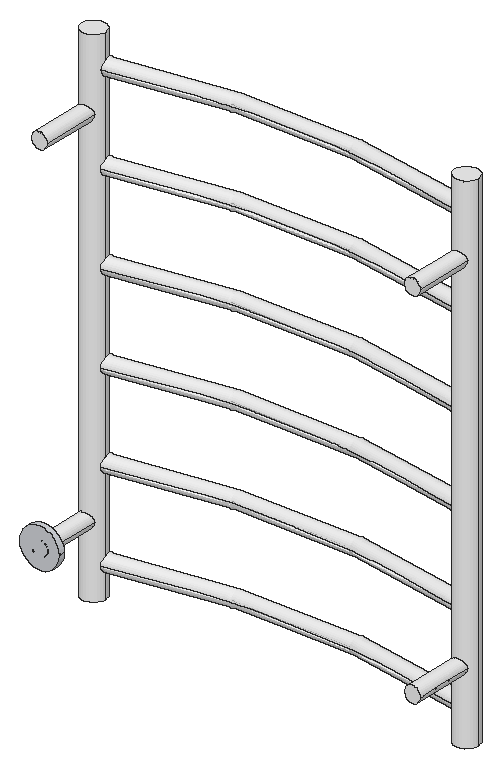
Revit family "BLG-75 R", category Generic Models, host Wall, Revit 2017
Family settings
  Host = Wall
  Can host rebar = No
  Round Connector Dimension = Use Diameter
  Part Type = Normal
  Always vertical = Yes
  Cut with Voids When Loaded = No
  Shared = No
  Room Calculation Point = No
Parameters (values of type "75")
  URL = "www.sentakia.com"
  Teho = "55 W"
  Sähkönumero = "8112502"
  Sentakia_Material_Default = Stainless Steel, Polished_sentakia
  Model = "BLG-75"
  Materiaali = "kiillotettu RST"
  Manufacturer = "Sentakia Oy"
  Leveys = 470 mm  # constant formula
  LVI = "5282076"
  Keynote = "6120"
  Kenkäkoukkupari [instance] = no
  IP = "IP 34 (roiskeveden kestävä)"
  Height = 640 mm  # constant formula
  ELO-600 kromi [instance] = no
  EAN = "6430034743002"
  Depth = 100 mm  # constant formula
  Assembly Code = ""
  2-osainen koukku pitkä [instance] = no
  2-osainen koukku lyhyt [instance] = no
Reference planes
  plane 1 "Wall": y = 0
  plane 2 "Center (Left/Right)": x = 125
  plane 3 "Back": y = 75
  plane 4: z = 1880
  plane 5: y = 175
  plane 6: y = 158
  plane 7 "Center of lower handler": z = 1330
  plane 8: z = 1790
  plane 9 "r": x = 360
  plane 10 "l": x = -110
  plane 11: y = 160
  plane 12: y = 170
  plane 13: y = 150
  plane 14 "Tikas1": z = 1840
  plane 15 "Tikas3": z = 1616
  plane 16 "Tikas4": z = 1504
  plane 17 "Tikas5": z = 1280
  plane 18 "Bottom": z = 1240
  plane 19 "Tikas2": z = 1728
  plane 20: y = 225
  plane 21 "Tikas6": z = 1392
  plane 22: y = 82.171
  plane 23: y = 190
Forms (mm)
  Extrusion 1, solid, material "Stainless Steel, Polished_sentakia" <- "Sentakia_Material_Default", detail levels medium+fine
    sketch origin (0, 0, 200) x (1, 0, 0) y (0, 0, 1)
      loop
        circle (360, 1130) r 10
    from -160 to -75
  Extrusion 2, solid, material "Stainless Steel, Polished_sentakia" <- "Sentakia_Material_Default", detail levels medium+fine
    sketch origin (0, 0, 200) x (1, 0, 0) y (0, 0, 1)
      loop
        circle (-110, 1130) r 10
    from -160 to -75
  Extrusion 3, solid, material "Stainless Steel, Polished_sentakia" <- "Sentakia_Material_Default", detail levels medium+fine
    sketch origin (0, 0, 310) x (1, 0, 0) y (0, 0, 1)
      loop
        circle (-110, 1480) r 10
    from -160 to -75
  Extrusion 4, solid, material "Stainless Steel, Polished_sentakia" <- "Sentakia_Material_Default", detail levels medium+fine
    sketch origin (0, 11, 0) x (1, 0, 0) y (0, 1, 0)
      loop
        circle (-110, 149) r 15
    from 1240 to 1880
  Extrusion 5, solid, material "Stainless Steel, Polished_sentakia" <- "Sentakia_Material_Default", detail levels medium+fine
    sketch origin (0, 11, 0) x (1, 0, 0) y (0, 1, 0)
      loop
        circle (360, 149) r 15
    from 1240 to 1880
  Extrusion 6, solid, material "Stainless Steel, Polished_sentakia" <- "Sentakia_Material_Default", detail levels medium+fine
    sketch origin (0, 0, 0) x (1, 0, 0) y (0, 0, 1)
      loop
        circle (360, 1790) r 10
    from -160 to -75
  Extrusion 7, solid, material "Stainless Steel, Polished_sentakia" <- "Sentakia_Material_Default", detail levels coarse
    sketch origin (125, 0, 0) x (0, 1, 0) y (0, 0, 1)
      loop
        line (175, 1880) -> (75, 1880) -> (75, 1240) -> (175, 1240) -> (175, 1880)
    from -235 to 235
  Sweep 8, solid, material "Stainless Steel, Polished_sentakia" <- "Sentakia_Material_Default", detail levels medium+fine
    path origin (0, 0, 1728) x (1, 0, 0) y (0, 1, 0)
      loop
        arc (-110, 160) -> (125, 190) -> (360, 160) r 935.417
    profile origin (125, 190, 1728) x (0, 1, 0) y (0, 0, 1)
      loop
        circle (0, 0) r 10
  Sweep 9, solid, material "Stainless Steel, Polished_sentakia" <- "Sentakia_Material_Default", detail levels medium+fine
    path origin (0, 0, 1616) x (0, 1, 0) y (-1, 0, 0)
      loop
        arc (160, 110) -> (190, -125) -> (160, -360) r 935.417
    profile origin (125, 190, 1616) x (0, 1, 0) y (0, 0, 1)
      loop
        circle (0, 0) r 10
  Sweep 10, solid, material "Stainless Steel, Polished_sentakia" <- "Sentakia_Material_Default", detail levels medium+fine
    path origin (0, 0, 1504) x (-1, 0, 0) y (0, 1, 0)
      loop
        arc (110, 160) -> (-125, 190) -> (-360, 160) r 935.417
    profile origin (125, 190, 1504) x (0, 1, 0) y (0, 0, 1)
      loop
        circle (0, 0) r 10
  Sweep 11, solid, material "Stainless Steel, Polished_sentakia" <- "Sentakia_Material_Default", detail levels medium+fine
    path origin (0, 0, 1280) x (-1, 0, 0) y (0, 1, 0)
      loop
        arc (110, 160) -> (-125, 190) -> (-360, 160) r 935.417
    profile origin (125, 190, 1280) x (0, 1, 0) y (0, 0, 1)
      loop
        circle (0, 0) r 10
  Sweep 12, solid, material "Stainless Steel, Polished_sentakia" <- "Sentakia_Material_Default", detail levels medium+fine
    path origin (0, 0, 1840) x (0, 1, 0) y (-1, 0, 0)
      loop
        arc (160, 112.08) -> (190, -123.96) -> (160, -360) r 943.573
    profile origin (123.96, 190, 1840) x (0, 1, 0) y (0, 0, 1)
      loop
        circle (0, 0) r 10
  Sweep 13, solid, material "Stainless Steel, Polished_sentakia" <- "Sentakia_Material_Default", detail levels medium+fine
    path origin (0, 0, 1392) x (1, 0, 0) y (0, 1, 0)
      loop
        arc (-110, 160) -> (125, 190) -> (360, 160) r 935.417
    profile origin (125, 190, 1392) x (0, 1, 0) y (0, 0, 1)
      loop
        circle (0, 0) r 10
  Extrusion 14, solid, detail levels medium+fine
    sketch origin (0, 0, 0) x (1, 0, 0) y (0, 0, 1)
      loop
        circle (-110, 1330) r 25
    from -82.171 to -75
Cuts and joins
  joined: Extrusion 1, Extrusion 2, Extrusion 3, Extrusion 4, Extrusion 5, Extrusion 6, Sweep 8, Sweep 9, Sweep 10, Sweep 11, Sweep 12, Sweep 13
Text (mm)
  text "Placement Side" at (-1848.837, 1116.779, 0), in view "Ref. Level"
  text "Placement side" at (0, 1409.804, 2854.306), in view "Left"
  text "Placement side" at (0, 499.811, 2980.732), in view "Right"
Dimensions and locks
  locked: plane 3 "Back" to host wall
  "Depth": plane 5 to host wall
  plane 8 to level = 1790 mm
  locked: host wall to plane 11 at 85
  locked: plane 12 to plane 13 at 20
  plane 18 "Bottom" to plane 7 "Center of lower handler" = 90 mm  (x2)
  plane 4 to plane 8 = 90 mm
  equal spacing: plane 10 "l", plane 2 "Center (Left/Right)", plane 9 "r"
  "Height": plane 18 "Bottom" to plane 4
  plane 7 "Center of lower handler" to plane 8 = 460 mm
  plane 8 to plane 4 = 90 mm
  plane 14 "Tikas1" to plane 4 = 40 mm
  plane 8 to plane 7 "Center of lower handler" = 460 mm
  equal spacing: plane 17 "Tikas5", plane 21 "Tikas6", plane 16 "Tikas4", plane 15 "Tikas3", plane 19 "Tikas2", plane 14 "Tikas1"
  "Leveys": plane 10 "l" to plane 9 "r"
  plane 18 "Bottom" to plane 17 "Tikas5" = 40 mm
  locked: plane 22 to host wall at 7.171
  locked: plane 3 "Back" to plane 23 at 115
  aligned and locked: plane 1 "Wall" to host wall
  aligned and locked: Extrusion 1 to host wall
  aligned and locked: Extrusion 2 to host wall
  aligned and locked: Extrusion 3 to host wall
  aligned and locked: Extrusion 2 to plane 11
  aligned and locked: Extrusion 1 to Extrusion 2
  aligned and locked: plane 4 to Extrusion 4
  aligned and locked: plane 4 to Extrusion 5
  aligned and locked: plane 10 "l" to Extrusion 3 sketch curve
  aligned and locked: plane 9 "r" to Extrusion 6 sketch curve
  aligned and locked: plane 8 to Extrusion 6 sketch curve
  aligned and locked: Extrusion 3 to Extrusion 6
  aligned and locked: Extrusion 6 to plane 11
  aligned and locked: cut or joined group 1 (Extrusion 1, Extrusion 2, Extrusion 3, Extrusion 4, Extrusion 5, Extrusion 6, Sweep 8, Sweep 9, Sweep 10, Sweep 11, Sweep 12, Sweep 13) to plane 18 "Bottom"  (x2)
  aligned and locked: plane 4 to Extrusion 7
  aligned and locked: Extrusion 7 to cut or joined group 1
  aligned and locked: Extrusion 7 to plane 9 "r"
  aligned and locked: plane 10 "l" to Extrusion 7
  aligned and locked: Extrusion 7 to host wall
  aligned and locked: plane 22 to Extrusion 14
  aligned and locked: Extrusion 14 to host wall
  aligned and locked: plane 11 to Extrusion 5 sketch curve
  aligned and locked: plane 9 "r" to Extrusion 5 sketch curve
  aligned and locked: plane 10 "l" to Extrusion 4 sketch curve
  aligned and locked: plane 11 to Extrusion 4 sketch curve
  aligned and locked: plane 11 to Sweep 12 sketch curve  (x2)
  aligned and locked: plane 9 "r" to Sweep 12 sketch curve
  aligned and locked: plane 10 "l" to Sweep 8 sketch curve
  aligned and locked: plane 11 to Sweep 8 sketch curve  (x2)
  aligned and locked: plane 9 "r" to Sweep 8 sketch curve
  aligned and locked: plane 9 "r" to Sweep 9 sketch curve
  aligned and locked: plane 11 to Sweep 9 sketch curve  (x2)
  aligned and locked: plane 10 "l" to Sweep 9 sketch curve
  aligned and locked: plane 9 "r" to Sweep 10 sketch curve
  aligned and locked: plane 11 to Sweep 10 sketch curve  (x2)
  aligned and locked: plane 10 "l" to Sweep 10 sketch curve
  aligned and locked: plane 10 "l" to Sweep 13 sketch curve
  aligned and locked: plane 11 to Sweep 13 sketch curve  (x2)
  aligned and locked: plane 9 "r" to Sweep 13 sketch curve
  aligned and locked: plane 10 "l" to Sweep 11 sketch curve
  aligned and locked: plane 11 to Sweep 11 sketch curve  (x2)
  aligned and locked: plane 9 "r" to Sweep 11 sketch curve
  aligned and locked: Extrusion 6 to host wall
Automatic sketch dimensions
  Extrusion 1 sketch curve to plane 7 "Center of lower handler" = 0 mm
  plane 9 "r" to Extrusion 1 sketch curve = 0 mm
  Extrusion 2 sketch curve to plane 7 "Center of lower handler" = 0 mm
  plane 10 "l" to Extrusion 2 sketch curve = 0 mm
  Extrusion 3 sketch curve to plane 8 = 0 mm
  Extrusion 7 sketch curve to host wall = 0 mm
  Extrusion 7 sketch curve to plane 5 = 0 mm
  Extrusion 7 sketch curve to plane 18 "Bottom" = 0 mm
  Extrusion 7 sketch curve to plane 4 = 0 mm
  Sweep 9 sketch curve to plane 15 "Tikas3" = 0 mm
  Sweep 9 sketch curve to profile plane = 0 mm
  plane 16 "Tikas4" to Sweep 10 sketch curve = 0 mm
  Sweep 10 sketch curve to profile plane = 0 mm
  plane 17 "Tikas5" to Sweep 11 sketch curve = 0 mm
  Sweep 11 sketch curve to profile plane = 0 mm
  Sweep 12 sketch curve to plane 14 "Tikas1" = 0 mm
  Sweep 12 sketch curve to profile plane = 0 mm
  Sweep 13 sketch curve to profile plane = 0 mm  (x2)
  Extrusion 14 sketch curve to plane 7 "Center of lower handler" = 0 mm
  plane 10 "l" to Extrusion 14 sketch curve = 0 mm
  Sweep 12 sketch curve to plane 2 "Center (Left/Right)" = 1.04 mm
  plane 1 "Wall" to Sweep 12 sketch curve = 753.573 mm
  Sweep 8 sketch curve to plane 19 "Tikas2" = 0 mm
  Sweep 8 sketch curve to profile plane = 0 mm
  plane 1 "Wall" to Sweep 8 sketch curve = 745.417 mm
  plane 1 "Wall" to Sweep 9 sketch curve = 745.417 mm
  Sweep 10 sketch curve to plane 1 "Wall" = 745.417 mm
  plane 1 "Wall" to Sweep 13 sketch curve = 745.417 mm
  Sweep 11 sketch curve to plane 1 "Wall" = 745.417 mm
  radius of Extrusion 1 sketch curve = 10 mm
  radius of Extrusion 2 sketch curve = 10 mm
  radius of Extrusion 3 sketch curve = 10 mm
  radius of Extrusion 4 sketch curve = 15 mm
  radius of Extrusion 5 sketch curve = 15 mm
  radius of Extrusion 6 sketch curve = 10 mm
  radius of Sweep 9 sketch curve = 10 mm
  radius of Sweep 10 sketch curve = 10 mm
  radius of Sweep 11 sketch curve = 10 mm
  radius of Sweep 12 sketch curve = 10 mm
  radius of Sweep 13 sketch curve = 10 mm
  radius of Extrusion 14 sketch curve = 25 mm
  radius of Sweep 8 sketch curve = 10 mm
Connectors
  electrical at (-110, 75, 1330)
    settings: on cut or joined group 1, index 1, voltage 230 V, apparent load 0 VA, apparent load phase1 0 VA, apparent load phase2 0 VA, apparent load phase3 0 VA, power factor 1, load classification "Other", number of poles 1, system type 31, power factor state 1, is connector primary yes, connector utility no, sub classification motor no, connector description ""
